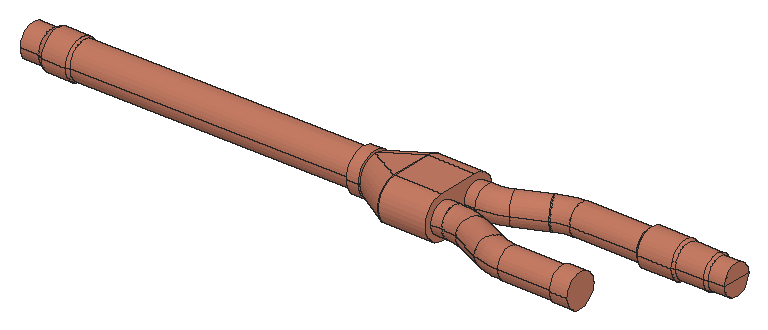
Revit family "Y_Branch-JCI-Cu_ACR-FxFxF-Heat_Recovery-30SX", category Pipe Fittings, Revit 2014
Parameters (values of type "Standard")
  Weight [instance] = 0.00 lbf
  URL = "http://www.johnsoncontrols.com/"
  Type Comments = "For use with copper ACR pipework"
  Tick Size 2 [instance] = Fitting Outside Diameter 2 * 0.4  # 1/2"
  Tick Size 1 [instance] = Fitting Outside Diameter 1 * 0.4  # 0.55"
  Socket Outside Radius 3 [instance] = Fitting Outside Radius 3 + 1" / 16  # 5/8"
  Socket Outside Radius 2 [instance] = Fitting Outside Radius 2 + 1/16"  # 11/16"
  Socket Outside Radius 1 [instance] = Fitting Outside Radius 1 + 1" / 16  # 3/4"
  Reducer 1 Length = 2"
  Pipe Radius 3 [instance] = Socket Outside Radius 3 + 1" / 8  # 3/4"
  Pipe Radius 2 [instance] = if(Nominal Diameter 1 > 1", Fitting Outside Radius 1 + 1" / 16, Fitting Outside Radius 1 + 1" / 8)  # 3/4"
  Pipe Radius 1 [instance] = if(Nominal Diameter 1 > 1", Fitting Outside Radius 1 + 1" / 8, Fitting Outside Radius 1 + 1" / 16)  # 13/16"
  Nominal Radius 3 [instance] = 1/2"
  Nominal Radius 2 [instance] = 9/16"
  Nominal Radius 1 [instance] = 5/8"
  Nominal Diameter 3 [instance] = Nominal Radius 3 * 2  # 1"
  Nominal Diameter 2 [instance] = Nominal Radius 2 * 2  # 1 1/8"
  Nominal Diameter 1 [instance] = Nominal Radius 1 * 2  # 1 1/4"
  Model = "30SX Low Pressure Gas"
  Manufacturer = "Johnson Controls International"
  Manifold Length = 4"
  Loss Method = K Coefficient from Table
  Lookup Table Name = "Y_Branch-JCI-Cu_ACR-FxFxF-Heat_Recovery-30SX"
  Length 5 [instance] = Length 4 / tan(Angle 1)  # 2.14451"
  Length 4 [instance] = 1"
  Length 3 [instance] = Center Radius * tan(Angle 1 / 2)  # 0.49881"
  Length 2 [instance] = if(Nominal Diameter 1 > 6" / 8, Reducer 1 Length + 11 13/16", Reducer 1 Length + 1/2")  # 13 13/16"
  Length 1 [instance] = Pipe Radius 2 + 1" / 8  # 7/8"
  Fitting Outside Radius 3 [instance] = Fitting Outside Diameter 3 / 2  # 9/16"
  Fitting Outside Diameter 3 [instance] = Nominal Diameter 3 + 1/8"  # 1 1/8"
  End to End 2 [instance] = size_lookup(Lookup Table Name, "EtE2", 24", Nominal Diameter 1, Nominal Diameter 2, Nominal Diameter 3)  # 24.40945"
  End to End 1 [instance] = size_lookup(Lookup Table Name, "EtE1", 27", Nominal Diameter 1, Nominal Diameter 2, Nominal Diameter 3)  # 27.95276"
  K Coefficient Table = "Converging/Diverging Tee/Wye"
  built-in parameter 1114238 [instance] = (empty or 0)
  Fitting Outside Radius 2 [instance] = Fitting Outside Diameter 2 / 2  # 5/8"
  Fitting Outside Radius 1 [instance] = Fitting Outside Diameter 1 / 2  # 11/16"
  Fitting Outside Diameter 2 [instance] = Nominal Diameter 2 + 1/8"  # 1 1/4"
  Fitting Outside Diameter 1 [instance] = Nominal Diameter 1 + 1/8"  # 1 3/8"
  Description = "Y Branch"
  Copyright © = "Copyright © 2001-2017 Johnson Controls"  # constant formula
  Center Radius [instance] = Nominal Diameter 2 * 2  # 2 1/4"
  Branch Center to Center [instance] = size_lookup(Lookup Table Name, "BCtC", 3 1/2", Nominal Diameter 1, Nominal Diameter 2, Nominal Diameter 3)  # 3.74016"
  Body Material = Metal - JCI - Copper
  Assembly Code = "D2090800"
  Angle 1 [instance] = 25.00°  # constant formula
Reference planes (in)
  plane 1 "Center (Front/Back)": y = 0
  plane 2 "CC": z = 0
  plane 3 "Center (Left/Right)": x = 0
  plane 4: x = 27.95276
  plane 5: x = 24.40945
  plane 6: x = 2
  plane 7: x = 1
  plane 8: x = 13.8125
  plane 9: x = 14.3125
  plane 10: x = 17.8125
  plane 11: x = 15.8125
  plane 12: y = 1.87008
  plane 13: y = -1.87008
  plane 14: x = 21.45463
  plane 15: x = 0.75
  plane 16: y = 0.87008
  plane 17: y = -0.87008
  plane 18: x = 18.3125
  plane 19: y = -0.37992
  plane 20: y = 3.12008
  plane 21: x = 18.81131
  plane 22: x = 20.95582
  plane 23: y = 0.37992
  plane 24: y = -3.12008
  plane 25: x = 23.65945
  plane 26: x = 27.24409
  plane 27: x = 25.82677
  plane 28: y = -0.37992
  plane 29: y = 3.12008
  plane 30: y = 0.37992
  plane 31: y = -3.12008
  plane 32: x = 25.11811
  plane 33: x = 26.53543
  plane 34: x = 24.28445
Forms (in)
  Revolve 1, solid, material "Metal - JCI - Copper" <- "Body Material", detail levels fine
    sketch origin (0, 0, 0) x (0, -1, 0) y (1, 0, 0)
      loop
        line (-0.6875, 0) -> (0, 0) -> (0, 14.3125) -> (-0.875, 14.3125) -> (-0.875, 13.8125) -> (-0.75, 13.8125) -> (-0.75, 2.10825) -> (-0.8125, 2) -> (-0.8125, 1) -> (-0.6875, 0.75) -> (-0.6875, 0)
      axis (0, 0) -> (0, 14.3125)
    angle from 0 to 360
  Blend 2, solid, material "Metal - JCI - Copper" <- "Body Material", detail levels fine
    base sketch origin (0, 0, 0) x (0, 1, 0) y (0, 0, 1)
      loop
        arc (-0.01563, 0.8125) -> (-0.82813, 0) -> (-0.01563, -0.8125) r 0.8125
        line (-0.01563, -0.8125) -> (0.01562, -0.8125)
        arc (0.01562, -0.8125) -> (0.82812, 0) -> (0.01562, 0.8125) r 0.8125
        line (0.01562, 0.8125) -> (-0.01563, 0.8125)
    top sketch origin (0, 0, 0) x (0, 1, 0) y (0, 0, 1)
      loop
        arc (0.87008, -0.875) -> (1.74508, 0) -> (0.87008, 0.875) r 0.875
        line (0.87008, 0.875) -> (-0.87008, 0.875)
        arc (-0.87008, 0.875) -> (-1.74508, 0) -> (-0.87008, -0.875) r 0.875
        line (-0.87008, -0.875) -> (0.87008, -0.875)
    from 14.3125 to 15.8125
  Extrusion 3, solid, material "Metal - JCI - Copper" <- "Body Material", detail levels fine
    sketch origin (0, 0, 0) x (0, 1, 0) y (0, 0, 1)
      loop
        arc (0.87008, -0.875) -> (1.74508, 0) -> (0.87008, 0.875) r 0.875
        line (0.87008, 0.875) -> (-0.87008, 0.875)
        arc (-0.87008, 0.875) -> (-1.74508, 0) -> (-0.87008, -0.875) r 0.875
        line (-0.87008, -0.875) -> (0.87008, -0.875)
    from 15.8125 to 17.8125
  Sweep 4, solid, material "Metal - JCI - Copper" <- "Body Material", detail levels fine
    path origin (0, 0, 0) x (1, 0, 0) y (0, 1, 0)
      loop
        line (17.8125, 0.87008) -> (18.3125, 0.87008)
        arc (18.3125, 0.87008) -> (18.79949, 0.92341) -> (19.26339, 1.08089) r 2.25
        line (19.26339, 1.08089) -> (20.4721, 1.64452) -> (20.50374, 1.65927)
        arc (20.50374, 1.65927) -> (20.96764, 1.81674) -> (21.45463, 1.87008) r 2.25
        line (21.45463, 1.87008) -> (24.28445, 1.87008)
    profile origin (18.3125, 0.87008, 0) x (0, 1, 0) y (0, 0, 1)
      loop
        circle (0, 0) r 0.625
  Sweep 5, solid, material "Metal - JCI - Copper" <- "Body Material", detail levels fine
    path origin (0, 0, 0) x (1, 0, 0) y (0, 1, 0)
      loop
        line (23.65945, -1.87008) -> (21.45463, -1.87008)
        arc (21.45463, -1.87008) -> (20.96764, -1.81674) -> (20.50374, -1.65927) r 2.25
        line (20.50374, -1.65927) -> (19.26339, -1.08089)
        arc (19.26339, -1.08089) -> (18.79949, -0.92341) -> (18.3125, -0.87008) r 2.25
        line (18.3125, -0.87008) -> (17.8125, -0.87008)
    profile origin (23.65945, -1.87008, 0) x (0, -1, 0) y (0, 0, 1)
      loop
        circle (0, 0) r 0.625
  Revolve 6, solid, material "Metal - JCI - Copper" <- "Body Material", detail levels fine
    sketch origin (0, 0, 0) x (1, 0, 0) y (0, 1, 0)
      loop
        line (24.28445, 1.87008) -> (27.95276, 1.87008) -> (27.95276, 2.49508) -> (27.24409, 2.49508) -> (27.13584, 2.55758) -> (25.93502, 2.55758) -> (25.82677, 2.62008) -> (24.40945, 2.62008) -> (24.28445, 2.49508) -> (24.28445, 1.87008)
      axis (24.28445, 1.87008) -> (27.95276, 1.87008)
    angle from 0 to 360
  Extrusion 7, solid, material "Metal - JCI - Copper" <- "Body Material", detail levels fine
    sketch origin (0, 0, 0) x (0, 1, 0) y (0, 0, 1)
      loop
        circle (-1.87008, 0) r 0.6875
    from 23.65945 to 24.40945
Lines and regions (in)
  model lines, detail levels coarse+medium
    curve 1: line (0, 0.55, 0) -> (0, -0.55, 0)
    curve 7: arc (18.3125, 0.87008, 0) -> (18.79949, 0.92341, 0) -> (19.26339, 1.08089, 0) r 2.25
    curve 8: arc (21.45463, 1.87008, 0) -> (20.96764, 1.81674, 0) -> (20.50374, 1.65927, 0) r 2.25
    curve 9: line (19.26339, 1.08089, 0) -> (20.50374, 1.65927, 0)
    curve 10: line (27.95276, 2.42008, 0) -> (27.95276, 1.32008, 0)
    curve 11: line (24.40945, -1.32008, 0) -> (24.40945, -2.42008, 0)
    curve 13: arc (18.3125, -0.87008, 0) -> (18.79949, -0.92341, 0) -> (19.26339, -1.08089, 0) r 2.25
    curve 14: arc (21.45463, -1.87008, 0) -> (20.96764, -1.81674, 0) -> (20.50374, -1.65927, 0) r 2.25
    curve 15: line (19.26339, -1.08089, 0) -> (20.50374, -1.65927, 0)
  model lines, style "PipeFitting", detail levels coarse+medium
    curve 2: line (18.3125, 0.87008, 0) -> (15.8125, 0.87008, 0)
    curve 3: line (21.45463, 1.87008, 0) -> (27.95276, 1.87008, 0)
    curve 4: line (15.8125, 0.87008, 0) -> (15.8125, -0.87008, 0)
    curve 5: line (15.8125, -0.87008, 0) -> (18.3125, -0.87008, 0)
    curve 6: line (0, 0, 0) -> (15.8125, 0, 0)
    curve 12: line (21.45463, -1.87008, 0) -> (24.40945, -1.87008, 0)
  model lines, style "PipeFittingCenterLine", detail levels fine
    curve 16: line (18.3125, 0.87008, 0) -> (15.8125, 0.87008, 0)
    curve 17: line (21.45463, 1.87008, 0) -> (27.95276, 1.87008, 0)
    curve 18: line (15.8125, 0.87008, 0) -> (15.8125, -0.87008, 0)
    curve 19: line (15.8125, -0.87008, 0) -> (18.3125, -0.87008, 0)
    curve 20: line (0, 0, 0) -> (15.8125, 0, 0)
    curve 21: arc (18.3125, 0.87008, 0) -> (18.79949, 0.92341, 0) -> (19.26339, 1.08089, 0) r 2.25
    curve 22: arc (21.45463, 1.87008, 0) -> (20.96764, 1.81674, 0) -> (20.50374, 1.65927, 0) r 2.25
    curve 23: line (19.26339, 1.08089, 0) -> (20.50374, 1.65927, 0)
    curve 24: line (21.45463, -1.87008, 0) -> (24.40945, -1.87008, 0)
    curve 25: arc (18.3125, -0.87008, 0) -> (18.79949, -0.92341, 0) -> (19.26339, -1.08089, 0) r 2.25
    curve 26: arc (21.45463, -1.87008, 0) -> (20.96764, -1.81674, 0) -> (20.50374, -1.65927, 0) r 2.25
    curve 27: line (19.26339, -1.08089, 0) -> (20.50374, -1.65927, 0)
Dimensions and locks (in)
  "End to End 1": plane 3 "Center (Left/Right)" to plane 4
  "End to End 2": plane 3 "Center (Left/Right)" to plane 5
  "Reducer 1 Length": plane 3 "Center (Left/Right)" to plane 6
  locked: plane 8 to plane 9 at 0.5
  "Manifold Length": plane 8 to plane 10
  equal spacing: plane 8, plane 11, plane 10
  equal spacing: plane 12, plane 1 "Center (Front/Back)", plane 13
  "Branch Center to Center": plane 12 to plane 13
  equal spacing: plane 3 "Center (Left/Right)", plane 7, plane 6
  "Fitting Outside Radius 1": Revolve 1 sketch curve to Revolve 1 sketch curve
  "Length 1": Revolve 1 sketch curve to Revolve 1 sketch curve
  "Length 4": plane 12 to plane 16
  "Length 4": plane 17 to plane 13
  locked: plane 1 "Center (Front/Back)" to Blend 2 sketch curve at 0.01562
  locked: Blend 2 sketch curve to plane 1 "Center (Front/Back)" at 0.01562
  locked: plane 10 to plane 18 at 0.5
  "Center Radius": plane 12 to plane 19
  "Center Radius": plane 20 to plane 16
  "Length 5": plane 21 to plane 22
  "Length 3": plane 18 to plane 21
  "Length 3": plane 22 to plane 14
  "Center Radius": plane 17 to plane 24
  "Center Radius": plane 23 to plane 13
  plane 25 to plane 5 = 3/4"
  equal spacing: plane 5, plane 32, plane 27, plane 33, plane 26, plane 4
  equal spacing: Revolve 6 sketch curve, Revolve 6 sketch curve, Revolve 6 sketch curve
  "Socket Outside Radius 3": Revolve 6 sketch curve to Revolve 6 sketch curve
  "Pipe Radius 3": Revolve 6 sketch curve to Revolve 6 sketch curve
  "Center Radius": plane 29 to plane 16
  "Center Radius": plane 12 to plane 28
  equal spacing: curve 11, plane 13, curve 11
  equal spacing: curve 10, plane 12, curve 10
  "Tick Size 1": curve 10 to plane 12
  "Tick Size 1": curve 11 to plane 13
  "Center Radius": plane 31 to plane 17
  "Center Radius": plane 13 to plane 30
  equal spacing: curve 1, plane 1 "Center (Front/Back)", curve 1
  "Tick Size 1": plane 1 "Center (Front/Back)" to curve 1
  "Pipe Radius 1": Revolve 1 sketch curve to Revolve 1 sketch curve
  "Pipe Radius 2": Revolve 1 sketch curve to Revolve 1 sketch curve
  locked: plane 15 to plane 7 at 0.25
  locked: plane 34 to plane 5 at 0.125
  "Fitting Outside Radius 2": Revolve 6 sketch curve to Revolve 6 sketch curve
  "Length 2": plane 3 "Center (Left/Right)" to plane 8
  "Length 1": radius of Blend 2 sketch curve  (x2)
  "Length 1": radius of Extrusion 3 sketch curve  (x2)
  "Center Radius": radius of Sweep 4 sketch curve
  "Fitting Outside Radius 2": radius of Sweep 4 sketch curve
  "Fitting Outside Radius 2": radius of Sweep 5 sketch curve
  "Center Radius": radius of Sweep 5 sketch curve  (x2)
  "Socket Outside Radius 2": radius of Extrusion 7 sketch curve
  "Center Radius": radius of curve 7
  "Center Radius": radius of curve 8
  "Pipe Radius 1": radius of Blend 2 sketch curve  (x2)
  "Angle 1": angle Sweep 4 sketch curve to Sweep 4 sketch curve  (x2)
  "Angle 1": angle plane 16 to Sweep 4 sketch curve
  "Angle 1": angle Sweep 5 sketch curve to Sweep 5 sketch curve  (x2)
  locked: Revolve 6 sketch curve to Revolve 6 sketch curve (angle 150.00°)  (x2)
  "Angle 1": angle curve 8 to curve 8
  "Angle 1": angle curve 7 to curve 7
  "Angle 1": angle curve 14 to curve 14
  "Angle 1": angle curve 13 to curve 13
  "Angle 1": angle curve 22 to curve 22
  "Angle 1": angle curve 21 to curve 21
  "Angle 1": angle curve 26 to curve 26
  "Angle 1": angle curve 25 to curve 25
  aligned and locked: plane 2 "CC" to level
  aligned and locked: plane 1 "Center (Front/Back)" to Revolve 1 sketch curve
  aligned and locked: Revolve 1 sketch curve to Revolve 1 sketch curve
  aligned and locked: plane 15 to Revolve 1 sketch curve
  aligned and locked: Revolve 1 sketch curve to plane 3 "Center (Left/Right)"
  aligned and locked: plane 6 to Revolve 1 sketch curve
  aligned and locked: plane 7 to Revolve 1 sketch curve
  aligned and locked: plane 9 to Revolve 1 sketch curve
  aligned and locked: Revolve 1 sketch curve to plane 8
  aligned and locked: level to Blend 2 sketch curve  (x3)
  aligned and locked: plane 11 to Blend 2
  aligned and locked: Blend 2 to plane 9
  aligned and locked: plane 16 to Blend 2 sketch curve
  aligned and locked: plane 17 to Blend 2 sketch curve
  aligned and locked: plane 16 to Extrusion 3 sketch curve
  aligned and locked: level to Extrusion 3 sketch curve  (x2)
  aligned and locked: plane 17 to Extrusion 3 sketch curve
  aligned and locked: Extrusion 3 to plane 11
  aligned and locked: plane 10 to Extrusion 3
  aligned and locked: plane 14 to curve 3
  aligned and locked: plane 18 to curve 2
  aligned and locked: plane 18 to Sweep 4 sketch curve  (x2)
  aligned and locked: plane 20 to Sweep 4 sketch curve
  aligned and locked: Sweep 4 sketch curve to plane 12
  aligned and locked: plane 14 to Sweep 4 sketch curve  (x2)
  aligned and locked: Sweep 4 sketch curve to plane 19
  aligned and locked: profile plane to Sweep 4 sketch curve  (x2)
  aligned and locked: profile plane to Sweep 5 sketch curve  (x2)
  aligned and locked: plane 13 to Sweep 5 sketch curve
  aligned and locked: plane 14 to Sweep 5 sketch curve  (x2)
  aligned and locked: plane 10 to Sweep 5 sketch curve
  aligned and locked: plane 18 to Sweep 5 sketch curve  (x2)
  aligned and locked: Sweep 5 sketch curve to plane 17
  aligned and locked: Sweep 5 sketch curve to plane 23
  aligned and locked: Sweep 5 sketch curve to plane 24
  aligned and locked: Revolve 6 sketch curve to plane 12
  aligned and locked: Revolve 6 sketch curve to Revolve 6 sketch curve
  aligned and locked: plane 4 to Revolve 6 sketch curve
  aligned and locked: plane 26 to Revolve 6 sketch curve
  aligned and locked: plane 27 to Revolve 6 sketch curve
  aligned and locked: plane 13 to Extrusion 7 sketch curve
  aligned and locked: level to Extrusion 7 sketch curve
  aligned and locked: curve 5 to plane 17
  aligned and locked: curve 4 to plane 11
  aligned and locked: plane 18 to curve 5
  aligned and locked: plane 1 "Center (Front/Back)" to curve 6
  aligned and locked: plane 3 "Center (Left/Right)" to curve 6
  aligned and locked: plane 11 to curve 6
  aligned and locked: curve 7 to plane 29
  aligned and locked: plane 18 to curve 7
  aligned and locked: plane 14 to curve 8
  aligned and locked: curve 8 to plane 28
  aligned and locked: curve 10 to plane 4
  aligned and locked: plane 4 to curve 3
  aligned and locked: curve 13 to plane 31
  aligned and locked: curve 14 to plane 30
  aligned and locked: curve 12 to plane 13
  aligned and locked: plane 18 to curve 13
  aligned and locked: curve 1 to plane 3 "Center (Left/Right)"
  aligned and locked: Revolve 6 sketch curve to plane 34
  aligned and locked: plane 34 to Sweep 4 sketch curve
  aligned and locked: plane 25 to Sweep 5 sketch curve
  aligned and locked: Extrusion 7 to plane 25
  aligned and locked: plane 5 to Extrusion 7
  aligned and locked: curve 11 to plane 5
Automatic sketch dimensions
  Extrusion 3 sketch curve to plane 16 = 0"
  Sweep 4 sketch curve to plane 10 = 0"
  Sweep 4 sketch curve to plane 12 = 0.22556"
  Revolve 6 sketch curve to plane 5 = 0"
  Revolve 6 sketch curve to plane 8 = 1.08667"
  Revolve 6 sketch curve to Revolve 6 sketch curve = 7.19833"
  Blend 2 sketch curve to level = 0"
  Revolve 1 sketch curve to Revolve 1 sketch curve = 7.8188"
  plane 6 to Revolve 1 sketch curve = 0.10825"
  plane 4 to Revolve 1 sketch curve = 4.2162"
  curve 14 to plane 14 = 0"
  plane 1 "Center (Front/Back)" to curve 20 = 0"
Connectors (in)
  piping at (0, 0, 0), diameter 1.25, driven by "Nominal Radius 1"
    settings: on Revolve 1, index 1, connector inside diameter 24", connector length 0", flow factor 0, pipe flow 0 GPM, pressure drop 0.00 psi, fitting loss kfactor 0, connector angle 0.00°, fixture units 0, engagement length 0", angle of deflection 0.00°, flow configuration 0, flow direction 0, fitting loss method 0, system type 28, joint type 0, gender type 0, connector reference index -1, connector utility 0, adjustable connector no, is connector primary yes, connector description ""
  piping at (24.40945, -1.87008, 0), diameter 1.125, driven by "Nominal Radius 2"
    settings: on Extrusion 7, index 2, connector inside diameter 24", connector length 0", flow factor 0, pipe flow 0 GPM, pressure drop 0.00 psi, fitting loss kfactor 0, connector angle 0.00°, fixture units 0, engagement length 0", angle of deflection 0.00°, flow configuration 0, flow direction 0, fitting loss method 0, system type 28, joint type 0, gender type 0, connector reference index -1, connector utility 0, adjustable connector no, is connector primary no, connector description ""
  piping at (27.95276, 1.87008, 0), diameter 1, driven by "Nominal Radius 3"
    settings: on Revolve 6, index 3, connector inside diameter 24", connector length 0", flow factor 0, pipe flow 0 GPM, pressure drop 0.00 psi, fitting loss kfactor 0, connector angle 0.00°, fixture units 0, engagement length 0", angle of deflection 0.00°, flow configuration 0, flow direction 0, fitting loss method 0, system type 28, joint type 0, gender type 0, connector reference index -1, connector utility 0, adjustable connector no, is connector primary no, connector description ""
